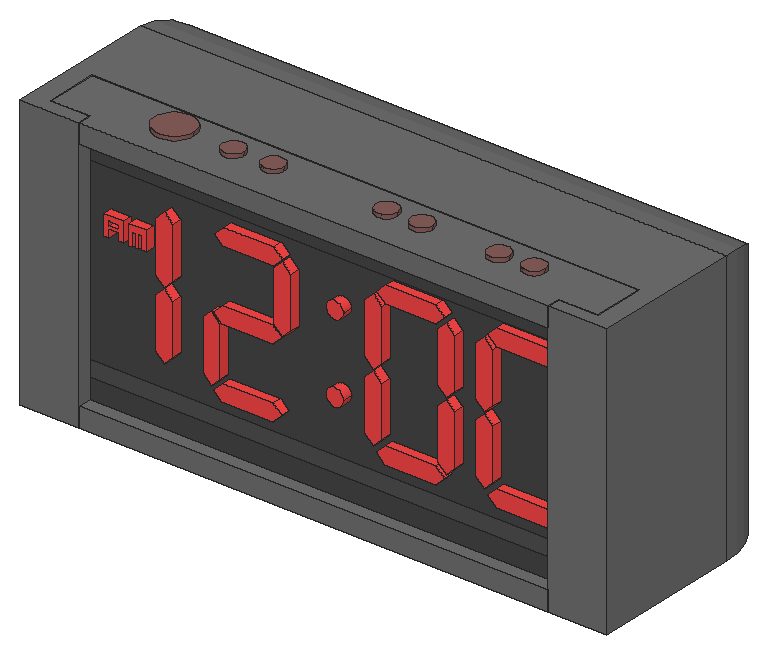
Revit family
Reference planes (in)
  plane 1 "Center (Front/Back)": y = 0
  plane 2: z = 0
  plane 3 "Center (Left/Right)": x = 0
Forms (in)
  Extrusion 1, solid, material "Glass"
    sketch origin (0, 0, 0) x (1, 0, 0) y (0, 1, 0)
      loop
        line (0, 0.65682) -> (0, 0) -> (7, 0) -> (7, 0.65682) -> (0, 0.65682)
    from 0 to 3
  Extrusion 2, void
    sketch origin (0, 0, 0) x (1, 0, 0) y (0, 0, 1)
      loop
        line (0.25, 2.75) -> (0.25, 0.25) -> (6.75, 0.25) -> (6.75, 2.75) -> (0.25, 2.75)
    from -0.29679 to 0
  Extrusion 3, solid, material "Default 2"
    sketch origin (0, 0.29679, 0) x (1, 0, 0) y (0, 0, 1)
      loop
        circle (3.5, 2) r 0.10766
      loop
        circle (3.5, 1) r 0.10938
      loop
        line (1.20739, 2.24641) -> (1.20739, 1.60447) -> (1.31824, 1.49362) -> (1.42352, 1.59891) -> (1.42352, 2.24641) -> (1.31546, 2.35447) -> (1.20739, 2.24641)
      loop
        line (1.20739, 1.3701) -> (1.20739, 0.72816) -> (1.31824, 0.61731) -> (1.42352, 0.7226) -> (1.42352, 1.3701) -> (1.31546, 1.47816) -> (1.20739, 1.3701)
      loop
        line (2.71696, 2.44787) -> (2.07502, 2.44787) -> (1.96418, 2.33702) -> (2.06946, 2.23174) -> (2.71696, 2.23174) -> (2.82502, 2.33981) -> (2.71696, 2.44787)
      loop
        line (2.71962, 2.20743) -> (2.71962, 1.56549) -> (2.83047, 1.45465) -> (2.93575, 1.55993) -> (2.93575, 2.20743) -> (2.82768, 2.31549) -> (2.71962, 2.20743)
      loop
        line (2.70397, 1.54706) -> (2.06203, 1.54706) -> (1.95119, 1.43621) -> (2.05647, 1.33093) -> (2.70397, 1.33093) -> (2.81203, 1.43899) -> (2.70397, 1.54706)
      loop
        line (1.81451, 1.33) -> (1.81451, 0.68807) -> (1.92536, 0.57722) -> (2.03064, 0.6825) -> (2.03064, 1.33) -> (1.92258, 1.43807) -> (1.81451, 1.33)
      loop
        line (2.70397, 0.65357) -> (2.06203, 0.65357) -> (1.95119, 0.54272) -> (2.05647, 0.43744) -> (2.70397, 0.43744) -> (2.81203, 0.5455) -> (2.70397, 0.65357)
      loop
        line (3.88148, 2.24641) -> (3.88148, 1.60447) -> (3.99233, 1.49362) -> (4.09761, 1.59891) -> (4.09761, 2.24641) -> (3.98955, 2.35447) -> (3.88148, 2.24641)
      loop
        line (3.88148, 1.3701) -> (3.88148, 0.72816) -> (3.99233, 0.61731) -> (4.09761, 0.7226) -> (4.09761, 1.3701) -> (3.98955, 1.47816) -> (3.88148, 1.3701)
      loop
        line (4.81898, 2.24641) -> (4.81898, 1.60447) -> (4.92983, 1.49362) -> (5.03511, 1.59891) -> (5.03511, 2.24641) -> (4.92705, 2.35447) -> (4.81898, 2.24641)
      loop
        line (4.81898, 1.3701) -> (4.81898, 0.72816) -> (4.92983, 0.61731) -> (5.03511, 0.7226) -> (5.03511, 1.3701) -> (4.92705, 1.47816) -> (4.81898, 1.3701)
      loop
        line (4.79044, 2.51309) -> (4.14851, 2.51309) -> (4.03766, 2.40224) -> (4.14294, 2.29696) -> (4.79044, 2.29696) -> (4.89851, 2.40503) -> (4.79044, 2.51309)
      loop
        line (4.79004, 0.66934) -> (4.1481, 0.66934) -> (4.03726, 0.55849) -> (4.14254, 0.45321) -> (4.79004, 0.45321) -> (4.8981, 0.56128) -> (4.79004, 0.66934)
      loop
        line (5.30476, 2.25547) -> (5.30476, 1.61354) -> (5.41561, 1.50269) -> (5.52089, 1.60797) -> (5.52089, 2.25547) -> (5.41282, 2.36354) -> (5.30476, 2.25547)
      loop
        line (5.30476, 1.37916) -> (5.30476, 0.73723) -> (5.41561, 0.62638) -> (5.52089, 0.73166) -> (5.52089, 1.37916) -> (5.41282, 1.48723) -> (5.30476, 1.37916)
      loop
        line (6.24226, 2.25547) -> (6.24226, 1.61354) -> (6.35311, 1.50269) -> (6.45839, 1.60797) -> (6.45839, 2.25547) -> (6.35032, 2.36354) -> (6.24226, 2.25547)
      loop
        line (6.24226, 1.37916) -> (6.24226, 0.73723) -> (6.35311, 0.62638) -> (6.45839, 0.73166) -> (6.45839, 1.37916) -> (6.35032, 1.48723) -> (6.24226, 1.37916)
      loop
        line (6.21372, 2.52216) -> (5.57179, 2.52216) -> (5.46094, 2.41131) -> (5.56622, 2.30603) -> (6.21372, 2.30603) -> (6.32179, 2.41409) -> (6.21372, 2.52216)
      loop
        line (6.21332, 0.67841) -> (5.57138, 0.67841) -> (5.46054, 0.56756) -> (5.56582, 0.46228) -> (6.21332, 0.46228) -> (6.32138, 0.57034) -> (6.21332, 0.67841)
      loop
        line (0.54091, 1.81696) -> (0.60357, 1.81696) -> (0.60357, 1.91071) -> (0.72841, 1.91071) -> (0.72841, 1.81696) -> (0.79091, 1.81696) -> (0.79091, 2.06696) -> (0.54091, 2.06696) -> (0.54091, 1.81696)
      loop
        line (0.72841, 2.00446) -> (0.60357, 2.00446) -> (0.60357, 1.94766) -> (0.72841, 1.94766) -> (0.72841, 2.00446)
      loop
        line (0.86519, 1.81696) -> (0.91668, 1.81696) -> (0.91668, 1.98326) -> (0.95004, 1.98326) -> (0.95004, 1.81696) -> (0.99334, 1.81696) -> (0.99334, 1.98326) -> (1.0266, 1.98326) -> (1.0266, 1.81696) -> (1.08496, 1.81696) -> (1.08496, 2.06696) -> (0.86519, 2.06696) -> (0.86519, 1.81696)
    from 0 to 0.125
  Extrusion 4, solid, material "Default 3"
    sketch origin (0, 0, 0) x (1, 0, 0) y (0, 1, 0)
      loop
        line (0.5, 0) -> (0, 0) -> (0, 0.65682) -> (7, 0.65682) -> (7, 0) -> (6.5, 0) -> (6.5, -0.17611) -> (7.25, -0.17611) -> (7.25, 2.75) -> (-0.25, 2.75) -> (-0.25, -0.17611) -> (0.5, -0.17611) -> (0.5, 0)
    from -0.25 to 3.25
  Extrusion 5, solid, material "Default 3"
    sketch origin (0, 0, 3) x (1, 0, 0) y (0, 1, 0)
      loop
        line (0, 0.65682) -> (0, 0) -> (0.5, 0) -> (0.5, -0.17611) -> (6.5, -0.17611) -> (6.5, 0) -> (7, 0) -> (7, 0.65682) -> (0, 0.65682)
    from 0 to 0.25
  Extrusion 6, solid, material "Default 3"
    sketch origin (0, 0, 3) x (1, 0, 0) y (0, 1, 0)
      loop
        line (0, 0.65682) -> (0, 0) -> (0.5, 0) -> (0.5, -0.17611) -> (6.5, -0.17611) -> (6.5, 0) -> (7, 0) -> (7, 0.65682) -> (0, 0.65682)
    from -3.25 to -3
  Extrusion 7, void
    sketch origin (-0.25, 2.75, 0) x (0, 1, 0) y (0, 0, 1)
      loop
        line (0, 3.25) -> (-1, 3.25)
        arc (-1, 3.25) -> (-0.29289, 2.95711) -> (0, 2.25) r 1
        line (0, 2.25) -> (0, 3.25)
    from 0 to 7.5
  Extrusion 8, void
    sketch origin (0, 0, 0) x (1, 0, 0) y (0, 1, 0)
      loop
        line (-0.25, 2.75) -> (-0.25, 1.75)
        arc (-0.25, 1.75) -> (0.04289, 2.45711) -> (0.75, 2.75) r 1
        line (0.75, 2.75) -> (-0.25, 2.75)
    from -0.25 to 3.25
  Extrusion 9, void
    sketch origin (0, 0, 0) x (1, 0, 0) y (0, 1, 0)
      loop
        line (7.25, 2.75) -> (6.25, 2.75)
        arc (6.25, 2.75) -> (6.95711, 2.45711) -> (7.25, 1.75) r 1
        line (7.25, 1.75) -> (7.25, 2.75)
    from -0.25 to 3.25
  Extrusion 10, solid, material "Default 4"
    sketch origin (0, 0, 3.25) x (1, 0, 0) y (0, 1, 0)
      loop
        circle (1.31824, 0.32841) r 0.25
      loop
        circle (2.07502, 0.32841) r 0.13701
      loop
        circle (2.58003, 0.33697) r 0.13701
      loop
        circle (4.04368, 0.31985) r 0.13701
      loop
        circle (4.48877, 0.32841) r 0.13701
      loop
        circle (5.4731, 0.32841) r 0.13701
      loop
        circle (5.91818, 0.33697) r 0.13701
    from 0 to 0.04486
Cuts and joins
  Extrusion 2 cuts Extrusion 1
  Extrusion 7, Extrusion 8, Extrusion 9 cuts Extrusion 4
Lines and regions (in)
  model lines
    curve 1: line (0, 0, 3) -> (7, 0, 3)
    curve 2: line (7, 0, 3) -> (7, 0, 0)
    curve 3: line (7, 0, 0) -> (0, 0, 0)
    curve 4: line (0, 0, 0) -> (0, 0, 3)
    curve 5: line (0.5, 0, 0) -> (0.5, -0.17611, 0)
    curve 6: line (0.5, 0, 0) -> (0, 0, 0)
    curve 7: line (7, 0.65682, 0) -> (7, 0, 0)
Dimensions and locks (in)
  aligned: Extrusion 3 sketch curve to Extrusion 3 sketch curve
